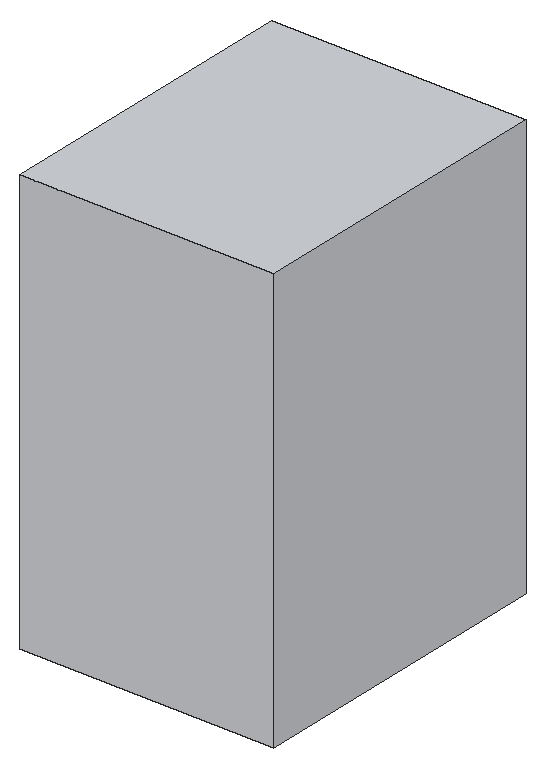
Revit family
Parameters
  opening [instance] = 0' - 5"
  box width = 1' - 0 3/4"
  box height = 2' - 2 1/2"
  box depth = 0' - 4 1/4"
  Warranty Duration (Years) = 0
  Unit Width [instance] = 1' - 2 1/4"
  Unit Height [instance] = 2' - 4"
  Unit Depth = 0' - 0 1/4"
  URL = "http://www.americanspecialties.com/viewCategories.cfm"
  Trim Material = Metal - Stainless Steel
  Test Data = ""
  Specification = "http://www.arcat.com/sdspecs/htm/10810asi.htm"
  SpecWizard = ""
  Send Message = "http://www.arcat.com/users.pl?action=UserEmail&company=American%20Specialties,%20Inc.&coid=30448&rep=139&fax=914-476-0688&mf="
  Sales Information = "http://www.americanspecialties.com/contact"
  Revision = "R1_10-2010"
  Product Properties = "http://www.americanspecialties.com/datasheets/04733.pdf"
  Product Data = "http://www.arcat.com/arcatcos/cos30/arc30448.html"
  Model = "As Specified in 10 28 13"
  Manufacturer Website = "http://www.americanspecialties.com/viewCategories.cfm"
  Manufacturer Phone - Toll Free = ""
  Manufacturer Phone = "914-476-9000 "
  Manufacturer Fax = "914-476-0688"
  Manufacturer Address = "441 Saw Mill River Rd., Yonkers, NY 10701"
  Manufacturer = "American Specialties, Inc."
  Maintenance Schedule (Months) = 0
  Keynote = "10 28 13"
  Installation-Fabrication = "http://www.americanspecialties.com/products.cfm"
  Green Building-LEED = ""
  Expected Lifespan (Years) = 0
  Drawn By = "Robert S. Weygant. CSI, CDT, SCIP"  # constant formula
  Description = "Toilet Accessory as Specified in 10 28 13"
  Default Elevation = 4' - 0"
  Copyright = "©Arcat Inc."
  Construction Details = "http://www.arcat.com/green/clients/leed_data_30448.html"
  Building Codes = "http://www.americanspecialties.com/products.cfm"
  Body Material = Metal - Stainless Steel
  Assembly Code = "C1030210"
Reference planes (in)
  plane 1 "Center (Front/Back)": y = -0.29112
  plane 2 "Floor Line": z = 0
  plane 3 "Center (Left/Right)": x = -0.65843
Forms (in)
  Extrusion 1, solid
    sketch origin (-3, -9, -6) x (0, 0, -1) y (1, 0, 0)
      loop
        line (-82, 26) -> (-82, -19.34712) -> (-6, -19.34712) -> (-6, 26) -> (-82, 26)
    from 15.29112 to -41.06337
  Extrusion 2, solid, material "Metal - Stainless Steel" <- "Body Material"
    sketch origin (0, 0, 0) x (1, 0, 0) y (0, 1, 0)
      loop
        line (-7.03343, 12.95888) -> (-7.03343, -13.54112) -> (5.71657, -13.54112) -> (5.71657, 12.95888) -> (-7.03343, 12.95888)
    from 0 to -4.25
  Extrusion 3, solid, material "Metal - Stainless Steel" <- "Body Material"
    sketch origin (-0.90625, -0.29112, 0) x (1, 0, 0) y (0, 0, 1)
      loop
        line (-6.87718, 0) -> (7.37282, 0) -> (7.37282, 0.25) -> (-6.87718, 0.25) -> (-6.87718, 0)
    from -14 to 14
  Extrusion 4, solid, material "Metal - Stainless Steel" <- "Trim Material"
    sketch origin (0, 0, 0) x (1, 0, 0) y (0, 1, 0)
      loop
        circle (-5.49133, -0.29112) r 0.25
    from 0.25 to 0.28125
  Extrusion 5, void
    sketch origin (0, 0, 0) x (1, 0, 0) y (0, 1, 0)
      loop
        line (-6.03343, 12.20888) -> (-6.03343, 4.95888) -> (4.71657, 4.95888) -> (4.71657, 12.20888) -> (-6.03343, 12.20888)
    from 0 to 0.25
  Extrusion 6, solid, material "Metal - Stainless Steel" <- "Body Material"
    sketch origin (0, 0, 0) x (1, 0, 0) y (0, 1, 0)
      loop
        line (-6.03343, 12.20888) -> (-6.03343, 4.95888) -> (4.71657, 4.95888) -> (4.71657, 12.20888) -> (-6.03343, 12.20888)
    from 0 to 0.25
  Extrusion 7, solid, material "Metal - Stainless Steel" <- "Trim Material"
    sketch origin (0, 0, 0) x (1, 0, 0) y (0, 1, 0)
      loop
        circle (3.02968, 6.00151) r 0.5
    from 0.25 to 0.28125
  Extrusion 8, void
    sketch origin (0, 0, 0) x (1, 0, 0) y (0, 1, 0)
      loop
        line (-7.03343, 12.95888) -> (-7.03343, -13.54112) -> (5.71657, -13.54112) -> (5.71657, 12.95888) -> (-7.03343, 12.95888)
    from 0 to -4.25
Cuts and joins
  Extrusion 5 cuts Extrusion 2
  Extrusion 5 cuts Extrusion 3
Dimensions and locks (in)
  Extrusion 3 sketch curve to Extrusion 3 sketch curve = 1' - 2 1/4"
  Extrusion 3 sketch curve to Extrusion 3 sketch curve = 0' - 0 1/4"
  locked: Extrusion 6 to Extrusion 7 sketch curve at 1.04263
  locked: Extrusion 7 sketch curve to Extrusion 6 at 1.68689
  "Unit Depth": cut or joined group of Extrusion 3, Extrusion 5 to cut or joined group of Extrusion 3, Extrusion 5
  "box depth": cut or joined group of Extrusion 2, Extrusion 5 to cut or joined group of Extrusion 2, Extrusion 5
  aligned and locked: Extrusion 1 to level
  aligned and locked: Extrusion 2 to Extrusion 3
  aligned and locked: Extrusion 4 to Extrusion 3
  aligned and locked: Extrusion 5 to level
  aligned and locked: Extrusion 6 to level
  aligned and locked: Extrusion 7 to Extrusion 4
  aligned and locked: Extrusion 4 to Extrusion 7
  aligned and locked: Extrusion 5 to Extrusion 6  (x2)
Automatic sketch dimensions
  Extrusion 1 sketch curve to Extrusion 1 sketch curve = 6' - 4"
  Extrusion 1 sketch curve to Extrusion 1 sketch curve = 3' - 9.34712"
  Extrusion 2 sketch curve to plane 3 "Center (Left/Right)" = 0' - 6 3/8"
  plane 3 "Center (Left/Right)" to Extrusion 2 sketch curve = 0' - 6 3/8"
  plane 1 "Center (Front/Back)" to Extrusion 2 sketch curve = 1' - 1 1/4"
  Extrusion 2 sketch curve to plane 1 "Center (Front/Back)" = 1' - 1 1/4"
  Extrusion 3 sketch curve to level = 0' - 0"
  Extrusion 3 sketch curve to plane 3 "Center (Left/Right)" = 0' - 7 1/8"
  Extrusion 4 sketch curve to plane 1 "Center (Front/Back)" = 0' - 0"
  Extrusion 5 sketch curve to plane 3 "Center (Left/Right)" = 0' - 5 3/8"
  plane 3 "Center (Left/Right)" to Extrusion 5 sketch curve = 0' - 5 3/8"
  Extrusion 5 sketch curve to plane 1 "Center (Front/Back)" = 0' - 5 1/4"
  Extrusion 5 sketch curve to Extrusion 5 sketch curve = 0' - 7 1/4"
  Extrusion 6 sketch curve to plane 3 "Center (Left/Right)" = 0' - 5 3/8"
  plane 3 "Center (Left/Right)" to Extrusion 6 sketch curve = 0' - 5 3/8"
  Extrusion 6 sketch curve to plane 1 "Center (Front/Back)" = 0' - 5 1/4"
  Extrusion 6 sketch curve to Extrusion 6 sketch curve = 0' - 7 1/4"
  Extrusion 8 sketch curve to plane 3 "Center (Left/Right)" = 0' - 6 3/8"
  plane 3 "Center (Left/Right)" to Extrusion 8 sketch curve = 0' - 6 3/8"
  plane 1 "Center (Front/Back)" to Extrusion 8 sketch curve = 1' - 1 1/4"
  Extrusion 8 sketch curve to plane 1 "Center (Front/Back)" = 1' - 1 1/4"
  Extrusion 4 sketch curve to plane 3 "Center (Left/Right)" = 0' - 4.8329"
  radius of Extrusion 4 sketch curve = 0' - 0 1/4"
  radius of Extrusion 7 sketch curve = 0' - 0 1/2"
